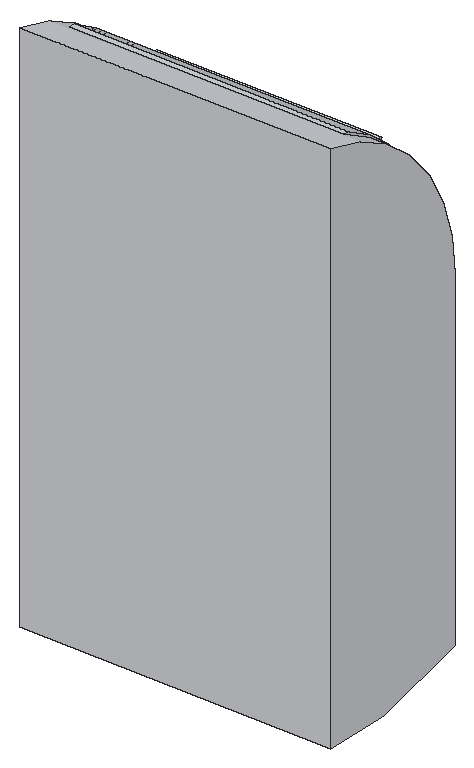
Revit family "DAN DRYER Stainless Design Mini Design 283", category Furniture Systems, host Wall, Revit 2017
Family settings
  Host = Wall
  Round Connector Dimension = Use Diameter
  Part Type = Normal
  Always vertical = Yes
  Cut with Voids When Loaded = No
  Shared = No
  Room Calculation Point = No
Parameters (values of type "Stål")
  Wicth = 279 mm
  URL = "http://www.dandryer.com/Files/Billeder/PDF/Datablade/Nye/Technical%20data%20sheet_%20283.pdf"
  Type Image = <None>
  Offset from Floor = 1000 mm
  Model = "Stainless design"
  Manufacturer = "http://www.dandryer.com/"
  Height = 482 mm
  Description = "STAINLESS DESIGN, sanitary bin Art. no. 283"
  Cost = 0
Reference planes
  plane 1 "Wall": y = 0
  plane 2 "Center (Left/Right)": x = 125
  plane 3 "Back": y = 75
  plane 4 "Top": z = 1000
  plane 5 "Bund": z = 518
  plane 6: x = 264.5
  plane 7: x = -14.5
Forms (mm)
  Extrusion 1, solid
    sketch origin (125, 0, 0) x (0, 1, 0) y (0, 0, 1)
      loop
        line (75, 518) -> (135, 518) -> (214, 539.168) -> (214, 837.508)
        arc (214, 837.508) -> (174.509, 944.424) -> (75, 1000) r 164.477
        line (75, 1000) -> (75, 518)
    from -139.5 to 139.5
  Extrusion 2, solid
    sketch origin (125, 0, 0) x (0, 1, 0) y (0, 0, 1)
      loop
        line (193.634, 916.783) -> (194.944, 916.783)
        arc (194.944, 916.783) -> (162.136, 959.38) -> (117.492, 989.344) r 167
        line (117.492, 989.344) -> (112.757, 989.344)
        arc (112.757, 989.344) -> (159.361, 959.935) -> (193.634, 916.783) r 164.477
    from -124.739 to 121.484
  Extrusion 3, solid
    sketch origin (125, 0, 0) x (0, 1, 0) y (0, 0, 1)
      loop
        line (174.737, 946.438) -> (179.023, 950.12) -> (177.463, 951.679) -> (173.229, 947.946) -> (174.737, 946.438)
    from -98.511 to 102.271
Text (mm)
  text "Placement Side" at (-1848.837, 1116.779, 0), in view "Ref. Level"
  text "Placement side" at (0, 1409.804, 2854.306), in view "Left"
  text "Placement side" at (0, 499.811, 2980.732), in view "Right"
Dimensions and locks
  locked: plane 3 "Back" to host wall
  "Height": plane 5 "Bund" to plane 4 "Top"
  equal spacing: plane 7, plane 2 "Center (Left/Right)", plane 6
  "Wicth": plane 7 to plane 6
  "Offset from Floor": level to plane 4 "Top"
  aligned and locked: plane 1 "Wall" to host wall
  aligned and locked: Extrusion 1 to plane 7
  aligned and locked: Extrusion 1 to plane 6
  aligned and locked: plane 4 "Top" to Extrusion 1 sketch curve
  aligned and locked: host wall to Extrusion 1 sketch curve
Automatic sketch dimensions
  Extrusion 1 sketch curve to plane 5 "Bund" = 0 mm
  Extrusion 1 sketch curve to host wall = 25.477 mm
  Extrusion 1 sketch curve to Extrusion 1 sketch curve = 60 mm
  plane 5 "Bund" to Extrusion 1 sketch curve = 21.168 mm
  Extrusion 1 sketch curve to Extrusion 1 sketch curve = 79 mm
  Extrusion 2 sketch curve to Extrusion 2 sketch curve = 1.562 mm
  Extrusion 2 sketch curve to Extrusion 2 sketch curve = 0 mm
  host wall to Extrusion 2 sketch curve = 37.757 mm
  Extrusion 2 sketch curve to host wall = 25.477 mm
  Extrusion 2 sketch curve to plane 4 "Top" = 10.656 mm
  Extrusion 2 sketch curve to Extrusion 2 sketch curve = 4.735 mm
  Extrusion 2 sketch curve to Extrusion 2 sketch curve = 1.31 mm
  Extrusion 2 sketch curve to plane 4 "Top" = 83.217 mm
  Extrusion 3 sketch curve to plane 4 "Top" = 48.321 mm
  host wall to Extrusion 3 sketch curve = 102.463 mm
  Extrusion 3 sketch curve to plane 4 "Top" = 49.88 mm
  Extrusion 3 sketch curve to Extrusion 3 sketch curve = 1.559 mm
  Extrusion 3 sketch curve to Extrusion 3 sketch curve = 4.285 mm
  Extrusion 3 sketch curve to Extrusion 3 sketch curve = 1.508 mm  (x2)
  Extrusion 3 sketch curve to Extrusion 3 sketch curve = 3.733 mm
